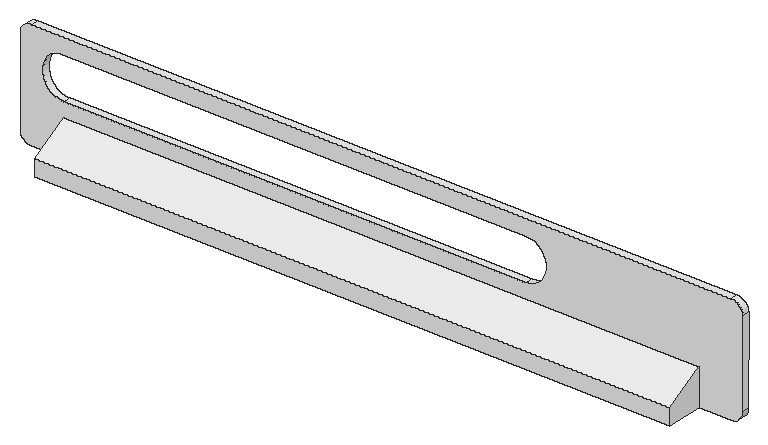
Revit family "Towel-Bar_Contemporary_Neorest_YC990_TOTO", category Furniture, host Face, Revit 2013
Parameters (values of type "YH784")
  ecoScorecard_data = " "
  ecoScorecard Product Page = "  "
  Width = 19 11/16"  # constant formula
  Warranty URL = "http://www.totousa.com/warranty-registration"
  Warranty = "Lifetime Limited Warranty (Residential Use), One Year Limited (Commercial Use)"  # constant formula
  URL = "http://www.totousa.com"
  Toto BIM Number = "BM-00219"  # constant formula
  Subcategory = "Accessories"  # constant formula
  Style = "Contemporary"  # constant formula
  Spec Sheet URL = "http://assets.totousa.com/product-files/SS-00009_YB990_YC990_YH990_YP990.pdf"
  Shipping Weight = 3.30 lbf
  Series = "Neorest"  # constant formula
  Product Page URL = " "
  Parts Manual URL = " "
  Owners Manual URL = "  "
  Model = "YC990"  # constant formula
  Manufacturer Toll Free Phone = "1-888-295-8134"  # constant formula
  Manufacturer Phone = "(770) 282-8686 "  # constant formula
  Manufacturer Fax = "(770) 282-0002"  # constant formula
  Manufacturer Email = "mailto:custservice@totousa.com "
  Manufacturer Address = "1155 Southern Road, Morrow, Georgia 30260"  # constant formula
  Manufacturer = "TOTO USA, Inc."  # constant formula
  Height = 1 3/16"  # constant formula
  Finish = Metal - TOTO - Chrome - Polished
  Description = "Hand Towel Holder"  # constant formula
  Depth = 2 31/32"  # constant formula
  Default Elevation = 48"
  Cost Info = "mailto:custservice@totousa.com "
  Color Availability = "#CP  Polished Chrome"  # constant formula
  CAD Drawing URL = "http://assets.totousa.com/product-files/AD-00095_YC990.dxf"
  Assembly Code = "C1030200"
  95 CSI = "10800"
  04 CSI = "10 28 00"
Reference planes (in)
  plane 1 "Center (Front/Back)": y = 0
  plane 2: z = 0
  plane 3 "Center (Left/Right)": x = 0
  plane 4: z = 2.96875
  plane 5: y = 0.51181
  plane 6: y = 0.31496
  plane 7: z = 1.00025
  plane 8: x = -9.84375
  plane 9: x = 9.84375
  plane 10: z = 1.96887
  plane 11: y = -0.67569
  plane 12: z = 0.43701
  plane 13: x = -8.66142
  plane 14: x = 8.66142
Dimensions and locks (in)
  "Depth": plane 4 to plane 2
  locked: plane 4 to plane 7 at 1.9685
  "Width": plane 9 to plane 8
  equal spacing: plane 9, plane 3 "Center (Left/Right)", plane 8
  "Height": plane 5 to plane 11
  locked: plane 14 to plane 13 at 17.32283
  equal spacing: plane 14, plane 3 "Center (Left/Right)", plane 13
  locked: plane 10 to plane 2 at 1.96887
  aligned and locked: plane 2 to host face
  aligned and locked: level to host face
  aligned and locked: plane 3 "Center (Left/Right)" to nested 1
  aligned and locked: plane 11 to nested 1
Automatic sketch dimensions
  host sketch curve to host sketch curve = 22.50859"
  host sketch curve to host sketch curve = 4.28782"
Nested families (in)
  nested 1: "YC990" at (0, 0, 0), type "YC990"
Definition of nested family "YC990"
  Parameters (values of type "YC990")
    ecoScorecard_data = ""
    ecoScorecard Product Page = ""
    Width = 19 11/16"  # constant formula
    Warranty URL = "http://www.totousa.com/Support/WarrantyInformation.aspx"
    Warranty = "Lifetime Limited Warranty (Residential Use), One Year Limited (Commercial Use)"  # constant formula
    URL = "http://www.totousa.com"
    Toto BIM Number = "BM-00219"  # constant formula
    Subcategory = "Accessories"  # constant formula
    Style = "Contemporary"  # constant formula
    Spec Sheet URL = "http://www.totousa.com/Portals/0/ProductDownloads/SS-00009_YB990_YC990_YH990_YP990.pdf"
    Shipping Weight = 3.30 lbf
    Series = "Neorest"  # constant formula
    Product Page URL = "http://www.totousa.com/ProductDetail.aspx?ProductID=420"
    Parts Manual URL = "http://www.totousa.com/Portals/0/ProductDownloads/PD-00020_YC990.pdf"
    Owners Manual URL = "http://www.totousa.com/Portals/0/ProductDownloads/0GU4083_NEOREST_ACCESSORIES_WEB_IM_OM.pdf"
    Model = "YC990"  # constant formula
    Manufacturer Toll Free Phone = "1-888-295-8134"  # constant formula
    Manufacturer Phone = "(770) 282-8686 "  # constant formula
    Manufacturer Fax = "(770) 282-0002"  # constant formula
    Manufacturer Email = "mailto:custservice@totousa.com "
    Manufacturer Address = "1155 Southern Road, Morrow, Georgia 30260"  # constant formula
    Manufacturer = "TOTO"  # constant formula
    Height = 1 3/16"  # constant formula
    Finish = Metal - TOTO - Chrome - Polished
    Description = "Hand Towel Holder"  # constant formula
    Depth = 2 31/32"  # constant formula
    Default Elevation = 48"
    Cost Info = "mailto:custservice@totousa.com "
    Color Availability = "#CP  Polished Chrome"  # constant formula
    CAD Drawing URL = "http://www.totousa.com/Portals/0/ProductDownloads/AD-00095_YC990.dxf"
    Assembly Code = "C1030200"
    95 CSI = ""
    04 CSI = ""
  Reference planes (in)
    plane 1 "Center (Front/Back)": y = 0
    plane 2: z = 0
    plane 3 "Center (Left/Right)": x = 0
    plane 4: z = 2.96875
    plane 5: y = 0.51181
    plane 6: y = 0.31496
    plane 7: z = 1.00025
    plane 8: x = -9.84375
    plane 9: x = 9.84375
    plane 10: z = 1.96887
    plane 11: y = -0.67569
    plane 12: z = 0.43701
    plane 13: x = -8.66142
    plane 14: x = 8.66142
    plane 15: x = -9.25197
  Forms (in)
    Extrusion 1, solid
      sketch origin (0, 0, 0) x (1, 0, 0) y (0, 1, 0)
        loop
          line (-11.33858, 2.06496) -> (-11.33858, -2.22286) -> (11.17001, -2.22286) -> (11.17001, 2.06496) -> (-11.33858, 2.06496)
      from 0 to -1.14503
    Extrusion 2, solid, material "Metal - TOTO - Chrome - Polished" <- "Finish", detail levels medium+fine
      sketch origin (0, -1.81631, 92.27586) x (0, 0, 1) y (1, 0, 0)
        loop
          line (-89.30711, -9.53445) -> (-89.30711, 9.53391)
          arc (-89.30711, 9.53391) -> (-89.39786, 9.753) -> (-89.61695, 9.84375) r 0.30984
          line (-89.61695, 9.84375) -> (-91.96602, 9.84375)
          arc (-91.96602, 9.84375) -> (-92.18511, 9.753) -> (-92.27586, 9.53391) r 0.30984
          line (-92.27586, 9.53391) -> (-92.27586, -9.53391)
          arc (-92.27586, -9.53391) -> (-92.18511, -9.753) -> (-91.96602, -9.84375) r 0.30984
          line (-91.96602, -9.84375) -> (-89.61641, -9.84375)
          arc (-89.61641, -9.84375) -> (-89.3977, -9.75316) -> (-89.30711, -9.53445) r 0.3093
        loop
          line (-89.73206, -8.66142) -> (-89.73206, 3.93701)
          arc (-89.73206, 3.93701) -> (-90.30699, 4.51193) -> (-90.88191, 3.93701) r 0.57493
          line (-90.88191, 3.93701) -> (-90.88191, -8.66142)
          arc (-90.88191, -8.66142) -> (-90.30699, -9.23634) -> (-89.73206, -8.66142) r 0.57493
      from 2.13127 to 2.32813
    Extrusion 3, solid, material "Metal - TOTO - Chrome - Polished" <- "Finish", detail levels medium+fine
      sketch origin (-11.57419, -0.32755, 0.01562) x (0, 1, 0) y (0, 0, 1)
        loop
          line (-0.34814, -0.01562) -> (0.64251, -0.01562) -> (0.64251, 0.98462) -> (-0.34814, 0.42138) -> (-0.34814, -0.01562)
      from 2.91277 to 20.23561
    Extrusion 4, solid, material "Metal - TOTO - Chrome - Polished" <- "Finish", detail levels coarse
      sketch origin (0, 0, 0) x (0, 1, 0) y (0, 0, 1)
        loop
          line (0.51181, 2.96875) -> (0.31496, 2.96875) -> (0.31496, 1.00025) -> (-0.67569, 0.43701) -> (-0.67569, 0) -> (0.51181, 0) -> (0.51181, 2.96875)
      from -9.84375 to 9.84375
  Lines and regions (in)
    symbolic lines, detail levels medium+fine
      curve 1: line (-8.66142, 0.31496, 0) -> (-8.66142, -0.67569, 0)
      curve 3: line (8.66142, 0.31496, 0) -> (8.66142, -0.67569, 0)
      curve 26: line (-8.66142, 0, 1.00025) -> (-8.66142, 0, 0)
      curve 27: line (8.66142, 0, 1.00025) -> (8.66142, 0, 0)
      curve 32: arc (-9.84375, 0, 2.65945) -> (-9.75316, 0, 2.87816) -> (-9.53445, 0, 2.96875) r 0.3093
      curve 33: arc (9.53391, 0, 2.96875) -> (9.753, 0, 2.878) -> (9.84375, 0, 2.65891) r 0.30984
      curve 34: line (-8.66142, 0, 2.5438) -> (3.93701, 0, 2.5438)
      curve 35: arc (3.93701, 0, 2.5438) -> (4.51193, 0, 1.96887) -> (3.93701, 0, 1.39395) r 0.57493
      curve 36: line (3.93701, 0, 1.39395) -> (-8.66142, 0, 1.39395)
      curve 37: arc (-8.66142, 0, 1.39395) -> (-9.23634, 0, 1.96887) -> (-8.66142, 0, 2.5438) r 0.57493
    symbolic lines
      curve 2: line (-8.66142, -0.67569, 0) -> (8.66142, -0.67569, 0)
      curve 4: line (8.66142, 0.31496, 0) -> (9.84375, 0.31496, 0)
      curve 5: line (-9.84375, 0.51181, 0) -> (9.84375, 0.51181, 0)
      curve 6: line (-9.84375, 0.51181, 0) -> (-9.84375, 0.31496, 0)
      curve 7: line (9.84375, 0.51181, 0) -> (9.84375, 0.31496, 0)
      curve 8: line (-9.84375, 0.31496, 0) -> (-8.66142, 0.31496, 0)
      curve 14: line (0, 0.51181, 2.96875) -> (0, 0.31496, 2.96875)
      curve 15: line (0, 0.51181, 0) -> (0, 0.51181, 2.96875)
      curve 16: line (0, 0.31496, 1.00025) -> (0, 0.31496, 2.96875)
      curve 17: line (0, 0.31496, 1.00025) -> (0, -0.67569, 0.43701)
      curve 18: line (0, -0.67569, 0) -> (0, -0.67569, 0.43701)
      curve 19: line (0, 0.51181, 0) -> (0, -0.67569, 0)
      curve 21: line (9.53391, 0, 2.96875) -> (-9.53445, 0, 2.96875)
      curve 22: line (9.84375, 0, 1.00025) -> (9.84375, 0, 2.65891)
      curve 23: line (-8.66142, 0, 1.00025) -> (8.66142, 0, 1.00025)
      curve 24: line (-8.66142, 0, 0.43701) -> (8.66142, 0, 0.43701)
      curve 25: line (8.66142, 0, 0) -> (-8.66142, 0, 0)
      curve 28: line (-8.66142, 0, 1.00025) -> (-9.84375, 0, 1.00025)
      curve 31: line (-9.84375, 0, 2.65945) -> (-9.84375, 0, 1.00025)
      curve 39: line (8.66142, 0, 1.00025) -> (9.84375, 0, 1.00025)
    symbolic lines, detail levels coarse+fine
      curve 9: line (-8.66142, 0.31496, 0) -> (8.66142, 0.31496, 0)
    symbolic lines, detail levels coarse
      curve 10: line (-9.84375, 0.31496, 0) -> (-9.84375, -0.67569, 0)
      curve 11: line (-9.84375, -0.67569, 0) -> (-8.66142, -0.67569, 0)
      curve 12: line (8.66142, -0.67569, 0) -> (9.84375, -0.67569, 0)
      curve 13: line (9.84375, -0.67569, 0) -> (9.84375, 0.31496, 0)
      curve 20: line (-9.84375, 0, 1.00025) -> (-9.84375, 0, 0)
      curve 29: line (-8.66142, 0, 0.43701) -> (-9.84375, 0, 0.43701)
      curve 30: line (-8.66142, 0, 0) -> (-9.84375, 0, 0)
      curve 38: line (8.66142, 0, 0) -> (9.84375, 0, 0)
      curve 40: line (8.66142, 0, 0.43701) -> (9.84375, 0, 0.43701)
      curve 41: line (9.84375, 0, 1.00025) -> (9.84375, 0, 0)
      curve 42: line (-9.84375, 0, 2.65945) -> (-9.84375, 0, 2.96875)
      curve 43: line (-9.53445, 0, 2.96875) -> (-9.84375, 0, 2.96875)
      curve 44: line (9.84375, 0, 2.65891) -> (9.84375, 0, 2.96875)
      curve 45: line (9.53391, 0, 2.96875) -> (9.84375, 0, 2.96875)
  Dimensions and locks (in)
    "Depth": plane 4 to plane 2
    locked: plane 4 to plane 7 at 1.9685
    "Width": plane 9 to plane 8
    equal spacing: plane 9, plane 3 "Center (Left/Right)", plane 8
    "Height": plane 5 to plane 11
    locked: Extrusion 3 sketch curve to plane 11 at 0
    locked: Extrusion 3 sketch curve to plane 12 at 0
    locked: plane 14 to plane 13 at 17.32283
    equal spacing: plane 14, plane 3 "Center (Left/Right)", plane 13
    locked: plane 10 to plane 2 at 1.96887
    locked: plane 3 "Center (Left/Right)" to plane 15 at 9.25197
    locked: Extrusion 2 sketch curve to level at 0
    locked: Extrusion 2 sketch curve to plane 13 at 0
    locked: Extrusion 2 sketch curve to plane 10 at 0
    locked: Extrusion 2 sketch curve to plane 12 at 0.12717  (x2)
    locked: plane 7 to Extrusion 2 sketch curve at 0.3937
    locked: Extrusion 2 sketch curve to Extrusion 2 sketch curve at 0.30984
    locked: Extrusion 2 sketch curve to plane 4 at 0.3093
    locked: plane 3 "Center (Left/Right)" to Extrusion 2 sketch curve at 3.93701
    aligned and locked: plane 2 to Extrusion 1
    aligned and locked: level to Extrusion 1
    aligned and locked: Extrusion 3 sketch curve to plane 6
    aligned and locked: plane 7 to Extrusion 3 sketch curve
    aligned and locked: plane 2 to Extrusion 3 sketch curve
    aligned and locked: Extrusion 3 to plane 7
    aligned and locked: Extrusion 3 to plane 11  (x2)
    aligned and locked: Extrusion 3 to plane 13
    aligned and locked: plane 14 to Extrusion 3
    aligned and locked: curve 1 to plane 13
    aligned and locked: curve 2 to plane 11
    aligned and locked: curve 4 to plane 6
    aligned and locked: curve 5 to plane 5
    aligned and locked: curve 6 to plane 8
    aligned and locked: plane 9 to curve 7
    aligned and locked: curve 8 to plane 6
    aligned and locked: plane 4 to Extrusion 4 sketch curve
    aligned and locked: plane 5 to Extrusion 4 sketch curve
    aligned and locked: level to Extrusion 4 sketch curve
    aligned and locked: plane 11 to Extrusion 4 sketch curve
    aligned and locked: Extrusion 4 to plane 9
    aligned and locked: Extrusion 4 to plane 8
    aligned and locked: plane 14 to curve 9
    aligned and locked: curve 9 to plane 6
    aligned and locked: plane 9 to Extrusion 2 sketch curve
  Automatic sketch dimensions
    Extrusion 1 sketch curve to Extrusion 1 sketch curve = 22.50859"
    Extrusion 1 sketch curve to Extrusion 1 sketch curve = 4.28782"
    Extrusion 2 sketch curve to plane 4 = 0"
    plane 8 to Extrusion 2 sketch curve = 0"
    Extrusion 4 sketch curve to plane 12 = 0"
    Extrusion 4 sketch curve to plane 7 = 0"
    Extrusion 4 sketch curve to plane 6 = 0"
    curve 14 to plane 4 = 0"
    curve 16 to plane 6 = 0"
    curve 15 to plane 5 = 0"
    curve 17 to plane 12 = 0"
    curve 17 to plane 7 = 0"
    curve 15 to level = 0"
    curve 19 to plane 11 = 0"
    curve 20 to plane 7 = 0"
    curve 20 to plane 8 = 0"
    curve 21 to plane 4 = 0"
    curve 37 to plane 10 = 0"
    curve 37 to plane 13 = 0"
    curve 28 to plane 13 = 0"
    curve 40 to plane 12 = 0"
    curve 40 to plane 14 = 0"
    plane 9 to curve 40 = 0"
    plane 9 to curve 39 = 0"
    curve 30 to level = 0"
    curve 24 to plane 12 = 0"
    curve 29 to plane 12 = 0"
    curve 21 to plane 15 = 0.28248"
    plane 7 to curve 36 = 0.3937"
    plane 3 "Center (Left/Right)" to curve 36 = 3.93701"
    plane 9 to curve 45 = 0.30984"
